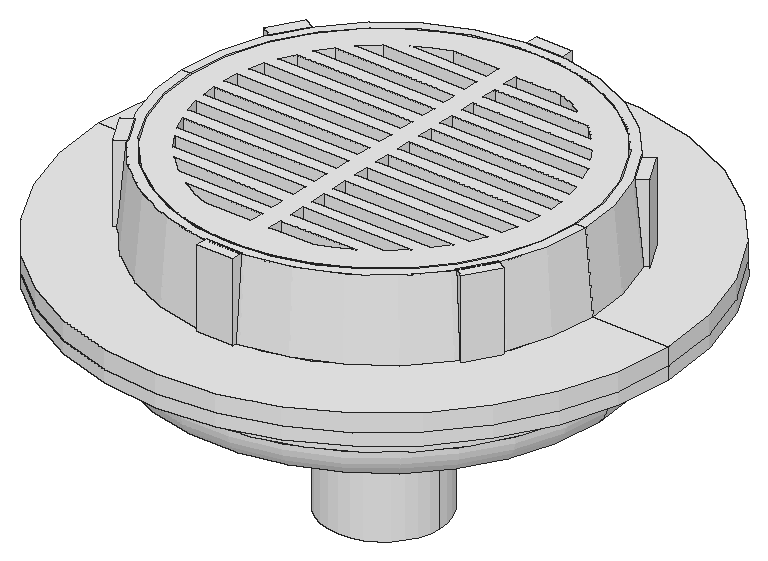
Revit family "Receptor_Sani-Flor_9_Inch_Shallow_Top-Zurn-Z1970", category Plumbing Fixtures, Revit 2022
Family settings
  Round Connector Dimension = Use Radius
  Part Type = Normal
  OmniClass Number = 23.45.55.21
  OmniClass Title = Drains (Wastes)
  Work Plane-Based = No
  Always vertical = Yes
  Cut with Voids When Loaded = No
  Maintain Annotation Orientation = No
  Shared = No
  Room Calculation Point = No
Parameters (values of type "Load Family Type Catalog")
  ZN_Frame Dia = 9.688"
  ZN Frame [instance] = no
  Waste Connection = 1 = 1  # yes
  WFU = 1  # constant formula
  Vent Connection = 1 = 0  # no
  URL = "www.zurn.com"
  Type Comments = "Z1970- 2 Inch No-Hub Outlet"
  Top Plate Radius = Top Dia / 2  # 4.500"
  Top Inside Radius = Top Inside Dia / 2  # 4.250"
  Top Inside Dia = 8.500"
  Top Dia = 9.000"
  Product data url = "https://www.bimobject.com/en-in/zurnindustries/product/zurn-z1970"
  Product Page URL = "https://www.zurn.com/products/drainage-interceptors/floor-sinks/z1970"
  Product Documentation Link = "https://files.zurn.com/spec-sheets/z1970.pdf"
  Pipe Size_A Outer Radius = Pipe Size_A Outer Diameter / 2  # 1.1875"
  Pipe Size_A Outer Diameter = 2.375"
  Pipe Size_A Nominal Diameter = 2.000"
  Pipe Size_A Inside Radius = Pipe Size_A Inside Diameter / 2  # 1.0335"
  Pipe Size_A Inside Diameter = 2.067"
  Modified Date = "03/06/2026"  # constant formula
  Model line Dia = 9.000"
  Model = "Z1970"
  Manufacurer Brand = "Zurn"  # constant formula
  Manufacturer = "Zurn Water, LLC"  # constant formula
  Main Material = Cast Iron- Zurn- White A.R.E Coated- Interior
  Inside Radius = 4.250"
  HWFU = 0  # constant formula
  HW Connection = 1 = 0  # no
  Grate Open Area (Sq. In) = 18.00 in²
  Grate Dia = 8.063"
  Frame Height = 2.000"
  Frame & Grate Material = Cast Iron- Zurn- White A.R.E Coated- Interior
  Description = "9 [229] DIAMETER TOP SHALLOW A.R.C. SANI-FLOR RECEPTOR"  # constant formula
  Default Elevation = 20.000"  # constant formula
  Date Created = "06/28/2018"  # constant formula
  Connector Radius = Pipe Size_A Nominal Diameter / 2  # 1.000"
  CWFU = 0  # constant formula
  CW Connection = 1 = 0  # no
  Bottom Dia = 12.000"
  Body Height_E = 4.750"
  Assembly Code = "D2030300"
  Approx. Weight (Lbs) = 28.00 lbf
Reference planes (in)
  plane 1 "Center (Front/Back)": y = 0
  plane 2: z = 0
  plane 3 "Center (Left/Right)": x = 0
  plane 4: z = -1.91696
  plane 5: x = 4.25
  plane 6: z = -1.625
  plane 7: x = 4.0625
  plane 8: x = 4.79579
  plane 9: x = -6
  plane 10: x = 6
  plane 11: z = -3.75
  plane 12 "Frame plane": z = -2
  plane 13: z = -3.5625
  plane 14: z = -2.25
  plane 15: z = -6.75
  plane 16: x = -1.1875
  plane 17: x = 1.1875
  plane 18: z = -0.625
  plane 19: x = 3.75
  plane 20: z = -0.5625
  plane 21: x = 3.75
  plane 22: x = -4.75
  plane 23: x = 4.75
  plane 24: through (4.76097, -180, -2.56906) normal (-0.4384, 0, 0.8988)
  plane 25: through (4.71052, -180, -2.38505) normal (-0.4384, 0, 0.8988)
  plane 26: z = -3.063
  plane 27: x = 4.0625
  plane 28: z = -2.76993
  plane 29: x = 4.87825
  plane 30: x = 5.13572
  plane 31: z = -2.81599
  plane 32: x = 5.41514
  plane 33: x = 4.562
  plane 34: x = -4.5
  plane 35: x = 4.5
  plane 36: y = 4.5
  plane 37: y = -4.5
  plane 38: z = -0.1875
  plane 39: x = -4.844
  plane 40: x = 4.844
  plane 41: x = -4.25
  plane 42: x = 4.25
  plane 43: x = -0.375
  plane 44: x = 0.375
  plane 45: through (4.19145, 2.85295, 48) normal (0.5, -0.866, 0)
  plane 46: through (4.63808, 2.24478, 48) normal (0.5, -0.866, 0)
  plane 47: through (4.56645, -2.20343, 48) normal (-0.5, -0.866, 0)
  plane 48: through (4.26308, -2.8943, 48) normal (-0.5, -0.866, 0)
  plane 49: x = 0.375
  plane 50: x = -0.375
  plane 51: through (-4.19145, -2.85295, 48) normal (-0.5, 0.866, 0)
  plane 52: through (-4.63808, -2.24478, 48) normal (-0.5, 0.866, 0)
  plane 53: through (-4.56645, 2.20343, 48) normal (0.5, 0.866, 0)
  plane 54: through (-4.26308, 2.8943, 48) normal (0.5, 0.866, 0)
  plane 55: z = -0.188
  plane 56: z = 0
  plane 57: y = 1.1875
  plane 58: y = -1.1875
  plane 59: y = 3.375
  plane 60: y = 2.25
  plane 61: y = 1.125
  plane 62: y = -1.125
  plane 63: y = -2.25
  plane 64: y = -3.375
  plane 65: x = -3.375
  plane 66: x = -2.25
  plane 67: x = -1.125
  plane 68: x = 1.125
  plane 69: x = 2.25
  plane 70: x = 3.375
Forms (in)
  Revolve 1, solid, material "Cast Iron- Zurn- White A.R.E Coated- Interior" <- "Main Material", detail levels fine
    sketch origin (0, 0, 0) x (1, 0, 0) y (0, 0, 1)
      loop
        line (4.25, 0) -> (4.0625, 0) -> (4.0625, -0.5625)
        arc (4.0625, -0.5625) -> (4.04419, -0.60669) -> (4, -0.625) r 0.0625
        line (4, -0.625) -> (3.75, -0.625) -> (3.75, -2) -> (6, -2) -> (6, -1.625) -> (4.39474, -1.625) -> (4.25, 0)
      axis (0, 0) -> (0, -2)
    angle from 0 to 360
  Extrusion 2, solid, material "Cast Iron- Zurn- White A.R.E Coated- Interior" <- "Main Material", detail levels fine
    sketch origin (-27.62229, -180, -6.75) x (-1, 0, 0) y (0, -1, 0)
      loop
        circle (-27.62229, -180) r 1.1875
      loop
        circle (-27.62229, -180) r 1.0335
    from 0 to 3
  Extrusion 3, void, detail levels fine
    sketch origin (-27.62229, -180, -6.75) x (0, -1, 0) y (-1, 0, 0)
      loop
        circle (-180, -27.62229) r 1
    from -3 to 0
  Extrusion 4, solid, material "Cast Iron- Zurn- White A.R.E Coated- Interior" <- "Main Material", detail levels fine
    sketch origin (0, 0, 0) x (1, 0, 0) y (0, 1, 0)
      loop
        line (0.375, 4.23342) -> (0.375, 4.48435)
        arc (0.375, 4.48435) -> (0, 4.5) -> (-0.375, 4.48435) r 4.5
        line (-0.375, 4.48435) -> (-0.375, 4.23342)
        arc (-0.375, 4.23342) -> (0, 4.25) -> (0.375, 4.23342) r 4.25
    from -1.813 to 0
  Revolve 5, solid, material "Cast Iron- Zurn- White A.R.E Coated- Interior" <- "Main Material", detail levels fine
    sketch origin (0, 0, 0) x (1, 0, 0) y (0, 0, 1)
      loop
        line (6, -2) -> (5.5, -2) -> (4.88422, -2.30034)
        arc (4.88422, -2.30034) -> (4.64918, -2.51197) -> (4.562, -2.81599) r 0.57372
        line (4.562, -2.81599) -> (4.562, -3.063)
        arc (4.562, -3.063) -> (4.4157, -3.4162) -> (4.0625, -3.5625) r 0.4995
        line (4.0625, -3.5625) -> (0, -3.5625) -> (0, -3.75) -> (4.03628, -3.75)
        arc (4.03628, -3.75) -> (4.53928, -3.55832) -> (4.75, -3.063) r 0.6875
        line (4.75, -3.063) -> (4.75, -2.76993)
        arc (4.75, -2.76993) -> (4.80746, -2.60827) -> (4.92896, -2.48713) r 0.38846
        line (4.92896, -2.48713) -> (5.41514, -2.25) -> (6, -2.25) -> (6, -2)
      axis (0, -2) -> (0, -3.75)
    angle from 0 to 360
  Extrusion 6, solid, material "Cast Iron- Zurn- White A.R.E Coated- Interior" <- "Main Material", visible <- "ZN Frame", detail levels fine
    sketch origin (0, 0, 0) x (1, 0, 0) y (0, 1, 0)
      loop
        circle (0, 0) r 4.844
    from -0.1875 to 0
  Extrusion 7, void, detail levels fine
    sketch origin (0, 0, 0) x (0, 1, 0) y (1, 0, 0)
      loop
        circle (0, 0) r 4.063
    from -0.20646 to 1.625
  Extrusion 8, solid, material "Cast Iron- Zurn- White A.R.E Coated- Interior" <- "Main Material", detail levels fine
    sketch origin (0, 0, 0) x (0.5, -0.866025, 0) y (0.866025, 0.5, 0)
      loop
        line (0.375, 4.23342) -> (0.375, 4.48435)
        arc (0.375, 4.48435) -> (0, 4.5) -> (-0.375, 4.48435) r 4.5
        line (-0.375, 4.48435) -> (-0.375, 4.23342)
        arc (-0.375, 4.23342) -> (0, 4.25) -> (0.375, 4.23342) r 4.25
    from -1.813 to 0
  Extrusion 9, solid, material "Cast Iron- Zurn- White A.R.E Coated- Interior" <- "Main Material", detail levels fine
    sketch origin (0, 0, 0) x (-0.5, -0.866025, 0) y (0.866025, -0.5, 0)
      loop
        line (0.375, 4.19568) -> (0.375, 4.4466)
        arc (0.375, 4.4466) -> (0, 4.46226) -> (-0.375, 4.4466) r 4.5
        line (-0.375, 4.4466) -> (-0.375, 4.19568)
        arc (-0.375, 4.19568) -> (0, 4.21226) -> (0.375, 4.19568) r 4.25
    from -1.813 to 0
  Extrusion 10, solid, material "Cast Iron- Zurn- White A.R.E Coated- Interior" <- "Main Material", detail levels fine
    sketch origin (0, 0, 0) x (-1, 0, 0) y (0, -1, 0)
      loop
        line (0.375, 4.19568) -> (0.375, 4.4466)
        arc (0.375, 4.4466) -> (0, 4.46226) -> (-0.375, 4.4466) r 4.5
        line (-0.375, 4.4466) -> (-0.375, 4.19568)
        arc (-0.375, 4.19568) -> (0, 4.21226) -> (0.375, 4.19568) r 4.25
    from -1.813 to 0
  Extrusion 11, solid, material "Cast Iron- Zurn- White A.R.E Coated- Interior" <- "Main Material", detail levels fine
    sketch origin (0, 0, 0) x (-0.5, 0.866025, 0) y (-0.866025, -0.5, 0)
      loop
        line (0.375, 4.19568) -> (0.375, 4.4466)
        arc (0.375, 4.4466) -> (0, 4.46226) -> (-0.375, 4.4466) r 4.5
        line (-0.375, 4.4466) -> (-0.375, 4.19568)
        arc (-0.375, 4.19568) -> (0, 4.21226) -> (0.375, 4.19568) r 4.25
    from -1.813 to 0
  Extrusion 12, solid, material "Cast Iron- Zurn- White A.R.E Coated- Interior" <- "Main Material", detail levels fine
    sketch origin (0, 0, 0) x (0.5, 0.866025, 0) y (-0.866025, 0.5, 0)
      loop
        line (0.375, 4.23342) -> (0.375, 4.48435)
        arc (0.375, 4.48435) -> (0, 4.5) -> (-0.375, 4.48435) r 4.5
        line (-0.375, 4.48435) -> (-0.375, 4.23342)
        arc (-0.375, 4.23342) -> (0, 4.25) -> (0.375, 4.23342) r 4.25
    from -1.813 to 0
Cuts and joins
  Extrusion 7 cuts Extrusion 2
  Extrusion 7 cuts Revolve 5
  Extrusion 7 cuts Extrusion 6
Lines and regions (in)
  Masking region 1, detail levels fine
    outline origin (0, 0, 0) x (1, 0, 0) y (0, 1, 0)
      loop
        circle (0, 0) r 6
  model lines, detail levels coarse+medium
    curve 1: line (0, 0, 0) -> (0, 0, -6.75)
    curve 4: circle (0, 0, 0) r 4.5 normal (0, 0, 1)
  model lines
    curve 2: line (-1.1875, 0, -6.75) -> (1.1875, 0, -6.75)
    curve 3: line (0, -1.1875, -6.75) -> (0, 1.1875, -6.75)
Dimensions and locks (in)
  equal spacing: plane 10, plane 3 "Center (Left/Right)", plane 9
  plane 10 to plane 3 "Center (Left/Right)" = 6.000"
  "Frame Height": level to plane 12 "Frame plane"
  plane 12 "Frame plane" to plane 11 = 1.750"
  locked: plane 13 to plane 11 at 0.1875
  equal spacing: plane 17, plane 3 "Center (Left/Right)", plane 16
  "Pipe Size_A Outer Radius": plane 3 "Center (Left/Right)" to plane 16
  "Body Height_E": plane 12 "Frame plane" to plane 15
  equal spacing: plane 23, plane 3 "Center (Left/Right)", plane 22
  locked: plane 23 to plane 22 at 9.5
  plane 7 to plane 3 "Center (Left/Right)" = 4.0625"
  locked: plane 12 "Frame plane" to plane 14 at 0.25
  Revolve 1 to plane 12 "Frame plane" = 0.375"
  "Bottom Dia": plane 10 to plane 9
  plane 14 to plane 11 = 1.500"
  locked: plane 6 to plane 14 at 0.625
  locked: plane 25 to plane 24 at 0.1875
  locked: Revolve 5 sketch curve to Revolve 5 sketch curve at 0.188
  plane 12 "Frame plane" to plane 26 = 1.063"
  locked: plane 12 "Frame plane" to plane 13 at 1.5625
  plane 12 "Frame plane" to plane 14 = 0.250"
  plane 32 to plane 10 = 0.58486"
  equal spacing: plane 35, plane 3 "Center (Left/Right)", plane 34
  locked: plane 3 "Center (Left/Right)" to plane 34 at 4.5
  plane 35 to plane 34 = 9.000"
  plane 34 to plane 35 = 9.000"
  equal spacing: plane 36, plane 1 "Center (Front/Back)", plane 37
  plane 1 "Center (Front/Back)" to plane 37 = 4.500"
  "Top Dia": plane 36 to plane 37
  plane 7 to plane 5 = 0.1875"
  equal spacing: plane 40, plane 3 "Center (Left/Right)", plane 39
  "ZN_Frame Dia": plane 40 to plane 39
  plane 5 to plane 3 "Center (Left/Right)" = 4.250"
  equal spacing: plane 42, plane 3 "Center (Left/Right)", plane 41
  locked: plane 3 "Center (Left/Right)" to plane 41 at 4.25
  plane 42 to plane 41 = 8.500"
  plane 19 to plane 3 "Center (Left/Right)" = 3.750"
  locked: plane 56 to plane 12 "Frame plane" at 2
  locked: level to plane 55 at 0.188
  equal spacing: plane 57, plane 1 "Center (Front/Back)", plane 58
  "Pipe Size_A Outer Radius": plane 57 to plane 1 "Center (Front/Back)"
  plane 36 to plane 59 to plane 60 to plane 61 to plane 1 "Center (Front/Back)" to plane 62 to plane 63 to plane 64 to plane 37 = 1.125", 1.125", 1.125", 1.125", 1.125", 1.125", 1.125", 1.125"
  plane 34 to plane 65 to plane 66 to plane 67 to plane 3 "Center (Left/Right)" to plane 68 to plane 69 to plane 70 to plane 35 = 1.125", 1.125", 1.125", 1.125", 1.125", 1.125", 1.125", 1.125"
  "Pipe Size_A Inside Radius": radius of Extrusion 2 sketch curve
  "Pipe Size_A Outer Radius": radius of Extrusion 2 sketch curve
  "Connector Radius": radius of Extrusion 3 sketch curve
  "Top Inside Radius": radius of Extrusion 4 sketch curve
  "Top Dia": diameter of Extrusion 4 sketch curve
  diameter of Extrusion 6 sketch curve = 9.688"
  radius of Extrusion 7 sketch curve = 4.063"
  "Top Inside Radius": radius of Extrusion 8 sketch curve
  "Top Dia": diameter of Extrusion 8 sketch curve
  "Top Inside Radius": radius of Extrusion 9 sketch curve
  "Top Dia": diameter of Extrusion 9 sketch curve
  "Top Inside Radius": radius of Extrusion 10 sketch curve
  "Top Dia": diameter of Extrusion 10 sketch curve
  "Top Inside Radius": radius of Extrusion 11 sketch curve
  "Top Dia": diameter of Extrusion 11 sketch curve
  "Top Inside Radius": radius of Extrusion 12 sketch curve
  "Top Dia": diameter of Extrusion 12 sketch curve
  "Model line Dia": diameter of curve 4
  "Bottom Dia": diameter of Revolve 1
  angle plane 6 to Revolve 1 sketch curve = 95.09°
  aligned and locked: plane 2 to level
  aligned and locked: Revolve 1 sketch curve to plane 6
  aligned and locked: plane 1 "Center (Front/Back)" to Extrusion 2 sketch curve  (x2)
  aligned and locked: plane 3 "Center (Left/Right)" to Extrusion 2 sketch curve  (x2)
  aligned and locked: Extrusion 2 to plane 15
  aligned and locked: plane 15 to Extrusion 2  (x2)
  aligned and locked: plane 18 to Revolve 1 sketch curve  (x2)
  aligned and locked: Revolve 1 sketch curve to plane 19
  aligned and locked: plane 7 to Revolve 1 sketch curve  (x2)
  aligned and locked: plane 20 to Revolve 1 sketch curve
  aligned and locked: plane 1 "Center (Front/Back)" to Extrusion 3 sketch curve
  aligned and locked: plane 3 "Center (Left/Right)" to Extrusion 3 sketch curve
  aligned and locked: Extrusion 3 to plane 15
  aligned and locked: plane 6 to Revolve 1 sketch curve
  aligned and locked: plane 10 to Revolve 1 sketch curve  (x2)
  aligned and locked: plane 12 "Frame plane" to Revolve 1 sketch curve
  aligned and locked: plane 11 to Extrusion 3
  aligned and locked: plane 26 to Revolve 5 sketch curve  (x2)
  aligned and locked: plane 27 to Revolve 5 sketch curve  (x2)
  aligned and locked: plane 28 to Revolve 5 sketch curve
  aligned and locked: plane 11 to Revolve 5 sketch curve
  aligned and locked: plane 12 "Frame plane" to Revolve 5 sketch curve
  aligned and locked: Revolve 5 sketch curve to plane 12 "Frame plane"
  aligned and locked: plane 25 to Revolve 5 sketch curve
  aligned and locked: Revolve 5 sketch curve to plane 10
  aligned and locked: plane 30 to Revolve 5 sketch curve  (x2)
  aligned and locked: plane 31 to Revolve 5 sketch curve  (x2)
  aligned and locked: Revolve 5 sketch curve to plane 33
  aligned and locked: Revolve 5 sketch curve to plane 24
  aligned and locked: plane 1 "Center (Front/Back)" to Extrusion 6 sketch curve
  aligned and locked: plane 3 "Center (Left/Right)" to Extrusion 6 sketch curve
  aligned and locked: Extrusion 6 to plane 38
  aligned and locked: Extrusion 4 sketch curve to plane 43
  aligned and locked: Extrusion 4 sketch curve to plane 44
  aligned and locked: Extrusion 8 sketch curve to plane 45
  aligned and locked: Extrusion 8 sketch curve to plane 46
  aligned and locked: Extrusion 9 sketch curve to plane 47
  aligned and locked: Extrusion 9 sketch curve to plane 48
  aligned and locked: Extrusion 10 sketch curve to plane 49
  aligned and locked: Extrusion 10 sketch curve to plane 50
  aligned and locked: Extrusion 11 sketch curve to plane 51
  aligned and locked: Extrusion 11 sketch curve to plane 52
  aligned and locked: Extrusion 12 sketch curve to plane 53
  aligned and locked: Extrusion 12 sketch curve to plane 54
  aligned and locked: plane 3 "Center (Left/Right)" to nested 1
  aligned and locked: plane 1 "Center (Front/Back)" to nested 1
  aligned and locked: Revolve 1 sketch curve to plane 56
  aligned and locked: plane 1 "Center (Front/Back)" to Extrusion 4 sketch curve  (x2)
  aligned and locked: plane 3 "Center (Left/Right)" to Extrusion 4 sketch curve  (x2)
  aligned and locked: level to curve 1
  aligned and locked: plane 15 to curve 1
  aligned and locked: plane 1 "Center (Front/Back)" to curve 1
  aligned and locked: plane 16 to curve 2
  aligned and locked: plane 17 to curve 2
  aligned and locked: plane 1 "Center (Front/Back)" to curve 2
  aligned and locked: plane 57 to curve 3
  aligned and locked: plane 58 to curve 3
  aligned and locked: plane 3 "Center (Left/Right)" to curve 3
  aligned and locked: plane 1 "Center (Front/Back)" to curve 4
  aligned and locked: plane 3 "Center (Left/Right)" to curve 4
  aligned and locked: plane 1 "Center (Front/Back)" to Masking region 1 sketch curve
  aligned and locked: plane 3 "Center (Left/Right)" to Masking region 1 sketch curve
  aligned and locked: plane 11 to Extrusion 2
  aligned and locked: level to Extrusion 6
Automatic sketch dimensions
  Revolve 5 sketch curve to plane 3 "Center (Left/Right)" = 0.000"  (x2)
  Revolve 5 sketch curve to plane 14 = 0.000"
  Revolve 5 sketch curve to plane 15 = 1.500"
  level to Revolve 5 sketch curve = 1.000"
  plane 1 "Center (Front/Back)" to Extrusion 7 sketch curve = 0.000"
  Extrusion 7 sketch curve to plane 3 "Center (Left/Right)" = 0.000"
  Revolve 1 sketch curve to plane 3 "Center (Left/Right)" = 0.000"
  plane 5 to Revolve 1 sketch curve = 0.000"
  Revolve 1 sketch curve to plane 15 = 0.87211"
  plane 56 to Revolve 1 sketch curve = 1.61408"
  Extrusion 8 sketch curve to Extrusion 8 sketch curve = 0.000"  (x2)
  plane 1 "Center (Front/Back)" to Extrusion 8 sketch curve = 0.000"
  Extrusion 8 sketch curve to plane 3 "Center (Left/Right)" = 0.000"
  Extrusion 9 sketch curve to Extrusion 9 sketch curve = 0.000"  (x2)
  plane 47 to Extrusion 9 sketch curve = 0.375"
  Extrusion 9 sketch curve to plane 1 "Center (Front/Back)" = 0.01887"
  Extrusion 10 sketch curve to Extrusion 10 sketch curve = 0.000"  (x2)
  Extrusion 10 sketch curve to plane 3 "Center (Left/Right)" = 0.000"
  Extrusion 10 sketch curve to plane 1 "Center (Front/Back)" = 0.03774"
  Extrusion 11 sketch curve to Extrusion 11 sketch curve = 0.000"  (x2)
  plane 51 to Extrusion 11 sketch curve = 0.375"
  Extrusion 11 sketch curve to plane 1 "Center (Front/Back)" = 0.01887"
  Extrusion 12 sketch curve to Extrusion 12 sketch curve = 0.000"  (x2)
  plane 1 "Center (Front/Back)" to Extrusion 12 sketch curve = 0.000"
  Extrusion 12 sketch curve to plane 3 "Center (Left/Right)" = 0.000"
  radius of Masking region 1 sketch curve = 6.000"
Nested families (in)
  nested 1: "Grate" at (0, 0, 0), Main Material <- "Frame & Grate Material", type "Grate"
    with Main Material Cast Iron- Zurn- White A.R.E Coated- Interior, Grate Dia 8.063"
Connectors (in)
  piping at (0, 0, -6.75), diameter 2, driven by "Connector Radius", driven by "Waste Connection"
    settings: on cut or joined group of Extrusion 2, Extrusion 7, index 1, connector inside diameter 24", connector length 0.000", flow factor 0, pipe flow 0 GPM, pressure drop 0.00 psi, fitting loss kfactor 0, connector angle 0.00°, fixture units 0, engagement length 0.000", angle of deflection 0.00°, flow configuration 0, flow direction 2, fitting loss method 0, system type 16, joint type 0, gender type 0, connector reference index -1, connector utility 1, adjustable connector no, is connector primary yes, connector description "Sanitary Outlet"
Definition of nested family "Grate"
  Parameters (values of type "Grate")
    URL = "www.zurn.com"
    Product data url = ""
    Product Page URL = ""
    Product Installation Sheet URL = ""
    Product Documentation Link = ""
    Modified Date = ""
    Manufacurer Brand = "Zurn"  # constant formula
    Manufacturer = "Zurn Water, LLC"  # constant formula
    Main Material [instance] = none
    Grate Dia [instance] = 8.063"
    Default Elevation = 0.000"
    Date Created = ""
  Reference planes (in)
    plane 1 "Center (Front/Back)": y = 0
    plane 2: z = 0
    plane 3 "Center (Left/Right)": x = 0
    plane 4: x = -4.0315
    plane 5: x = 4.0315
    plane 6: y = 4.0315
    plane 7: y = -4.0315
    plane 8: z = -0.625
    plane 9: x = -3.02362
    plane 10: x = -2.01575
    plane 11: x = -1.00787
    plane 12: x = 1.00788
    plane 13: x = 2.01575
    plane 14: x = 3.02363
    plane 15: y = 2.87964
    plane 16: y = 1.72779
    plane 17: y = 0.57593
    plane 18: y = -0.57593
    plane 19: y = -1.72779
    plane 20: y = -2.87964
  Forms (in)
    Extrusion 1, solid, material <- "Main Material", detail levels fine
      sketch origin (0, 0, 0) x (1, 0, 0) y (0, 1, 0)
        loop
          circle (0, 0) r 4.0315
      from -0.625 to 0
    Extrusion 2, void
      sketch origin (0, 0, 0) x (1, 0, 0) y (0, 1, 0)
        loop
          arc (1.78246, 2.93666) -> (1.45805, 3.11076) -> (1.11688, 3.24916) r 3.4375
          line (1.11688, 3.24916) -> (0.1846, 3.24916) -> (0.1846, 2.93666) -> (1.78246, 2.93666)
        loop
          line (0.1846, 0.43666) -> (0.1846, 0.12416) -> (3.43233, 0.12416)
          arc (3.43233, 0.12416) -> (3.42305, 0.2807) -> (3.40665, 0.43666) r 3.4375
          line (3.40665, 0.43666) -> (0.1846, 0.43666)
        loop
          line (0.1846, 0.68666) -> (3.36515, 0.68666)
          arc (3.36515, 0.68666) -> (3.32921, 0.84384) -> (3.28593, 0.99916) r 3.4375
          line (3.28593, 0.99916) -> (0.1846, 0.99916) -> (0.1846, 0.68666)
        loop
          line (0.1846, 1.24916) -> (3.19928, 1.24916)
          arc (3.19928, 1.24916) -> (3.13302, 1.40716) -> (3.05897, 1.56166) r 3.4375
          line (3.05897, 1.56166) -> (0.1846, 1.56166) -> (0.1846, 1.24916)
        loop
          line (0.1846, 1.81166) -> (2.91793, 1.81166)
          arc (2.91793, 1.81166) -> (2.81286, 1.97095) -> (2.6991, 2.12416) r 3.4375
          line (2.6991, 2.12416) -> (0.1846, 2.12416) -> (0.1846, 1.81166)
        loop
          line (0.1846, 2.37416) -> (2.48222, 2.37416)
          arc (2.48222, 2.37416) -> (2.31658, 2.53617) -> (2.14041, 2.68666) r 3.4375
          line (2.14041, 2.68666) -> (0.1846, 2.68666) -> (0.1846, 2.37416)
        loop
          line (1.78246, -2.93834) -> (0.1846, -2.93834) -> (0.1846, -3.25084) -> (1.11688, -3.25084)
          arc (1.11688, -3.25084) -> (1.45805, -3.11244) -> (1.78246, -2.93834) r 3.4375
        loop
          line (0.1846, -0.43834) -> (3.40665, -0.43834)
          arc (3.40665, -0.43834) -> (3.42305, -0.28238) -> (3.43233, -0.12584) r 3.4375
          line (3.43233, -0.12584) -> (0.1846, -0.12584) -> (0.1846, -0.43834)
        loop
          line (0.1846, -0.68834) -> (0.1846, -1.00084) -> (3.28593, -1.00084)
          arc (3.28593, -1.00084) -> (3.32921, -0.84552) -> (3.36515, -0.68834) r 3.4375
          line (3.36515, -0.68834) -> (0.1846, -0.68834)
        loop
          line (0.1846, -1.25084) -> (0.1846, -1.56334) -> (3.05897, -1.56334)
          arc (3.05897, -1.56334) -> (3.13302, -1.40884) -> (3.19928, -1.25084) r 3.4375
          line (3.19928, -1.25084) -> (0.1846, -1.25084)
        loop
          line (0.1846, -1.81334) -> (0.1846, -2.12584) -> (2.6991, -2.12584)
          arc (2.6991, -2.12584) -> (2.81286, -1.97263) -> (2.91793, -1.81334) r 3.4375
          line (2.91793, -1.81334) -> (0.1846, -1.81334)
        loop
          line (0.1846, -2.37584) -> (0.1846, -2.68834) -> (2.14041, -2.68834)
          arc (2.14041, -2.68834) -> (2.31658, -2.53785) -> (2.48222, -2.37584) r 3.4375
          line (2.48222, -2.37584) -> (0.1846, -2.37584)
        loop
          line (-1.81975, 2.94791) -> (-0.1904, 2.94791) -> (-0.1904, 3.26575) -> (-1.15418, 3.26575)
          arc (-1.15418, 3.26575) -> (-1.49545, 3.1246) -> (-1.81975, 2.94791) r 3.46354
        loop
          line (-0.1904, 0.4385) -> (-3.44394, 0.4385)
          arc (-3.44394, 0.4385) -> (-3.46036, 0.28162) -> (-3.46962, 0.12416) r 3.46898
          line (-3.46962, 0.12416) -> (-0.1904, 0.12416) -> (-0.1904, 0.4385)
        loop
          line (-0.1904, 0.6885) -> (-0.1904, 1.00292) -> (-3.32323, 1.00292)
          arc (-3.32323, 1.00292) -> (-3.36651, 0.84664) -> (-3.40244, 0.6885) r 3.46874
          line (-3.40244, 0.6885) -> (-0.1904, 0.6885)
        loop
          line (-0.1904, 1.25292) -> (-0.1904, 1.56749) -> (-3.09626, 1.56749)
          arc (-3.09626, 1.56749) -> (-3.17032, 1.41195) -> (-3.23657, 1.25292) r 3.46822
          line (-3.23657, 1.25292) -> (-0.1904, 1.25292)
        loop
          line (-0.1904, 1.81749) -> (-0.1904, 2.13237) -> (-2.73639, 2.13237)
          arc (-2.73639, 2.13237) -> (-2.85017, 1.97795) -> (-2.95523, 1.81749) r 3.46736
          line (-2.95523, 1.81749) -> (-0.1904, 1.81749)
        loop
          line (-0.1904, 2.38237) -> (-0.1904, 2.69791) -> (-2.1777, 2.69791)
          arc (-2.1777, 2.69791) -> (-2.3539, 2.54588) -> (-2.51951, 2.38237) r 3.46598
          line (-2.51951, 2.38237) -> (-0.1904, 2.38237)
        loop
          arc (-1.81975, -2.94959) -> (-1.49545, -3.12628) -> (-1.15418, -3.26744) r 3.46354
          line (-1.15418, -3.26744) -> (-0.1904, -3.26744) -> (-0.1904, -2.94959) -> (-1.81975, -2.94959)
        loop
          line (-0.1904, -0.44019) -> (-0.1904, -0.12584) -> (-3.46962, -0.12584)
          arc (-3.46962, -0.12584) -> (-3.46036, -0.28331) -> (-3.44394, -0.44019) r 3.46898
          line (-3.44394, -0.44019) -> (-0.1904, -0.44019)
        loop
          line (-0.1904, -0.69019) -> (-3.40244, -0.69019)
          arc (-3.40244, -0.69019) -> (-3.36651, -0.84832) -> (-3.32323, -1.0046) r 3.46874
          line (-3.32323, -1.0046) -> (-0.1904, -1.0046) -> (-0.1904, -0.69019)
        loop
          line (-0.1904, -1.2546) -> (-3.23657, -1.2546)
          arc (-3.23657, -1.2546) -> (-3.17032, -1.41363) -> (-3.09626, -1.56917) r 3.46822
          line (-3.09626, -1.56917) -> (-0.1904, -1.56917) -> (-0.1904, -1.2546)
        loop
          line (-0.1904, -1.81917) -> (-2.95523, -1.81917)
          arc (-2.95523, -1.81917) -> (-2.85017, -1.97964) -> (-2.73639, -2.13405) r 3.46736
          line (-2.73639, -2.13405) -> (-0.1904, -2.13405) -> (-0.1904, -1.81917)
        loop
          line (-0.1904, -2.38405) -> (-2.51951, -2.38405)
          arc (-2.51951, -2.38405) -> (-2.3539, -2.54756) -> (-2.1777, -2.69959) r 3.46598
          line (-2.1777, -2.69959) -> (-0.1904, -2.69959) -> (-0.1904, -2.38405)
      from -0.625 to 0
  Cuts and joins
    Extrusion 2 cuts Extrusion 1
  Lines and regions (in)
    model lines, detail levels coarse+medium
      curve 1: line (-2.82146, 2.87964, 0) -> (2.82146, 2.87964, 0)
      curve 2: line (-3.64249, 1.72779, 0) -> (3.64249, 1.72779, 0)
      curve 3: line (-3.99015, 0.57593, 0) -> (4.0315, 0.57593, 0)
      curve 4: line (3.99015, -0.57593, 0) -> (-3.99015, -0.57593, 0)
      curve 5: line (-3.64249, -1.72779, 0) -> (3.64249, -1.72779, 0)
      curve 6: line (-2.82146, -2.87964, 0) -> (2.82146, -2.87964, 0)
      curve 7: line (-3.02362, -2.66659, 0) -> (-3.02362, 2.66659, 0)
      curve 8: line (-2.01575, 3.49138, 0) -> (-2.01575, -3.49138, 0)
      curve 9: line (-1.00787, 3.90348, 0) -> (-1.00787, -3.90348, 0)
      curve 10: line (0, 4.0315, 0) -> (0, -4.0315, 0)
      curve 11: line (1.00788, 3.90348, 0) -> (1.00788, -3.90348, 0)
      curve 12: line (2.01575, 3.49138, 0) -> (2.01575, -3.49138, 0)
      curve 13: line (3.02363, 2.66659, 0) -> (3.02363, -2.66659, 0)
    model lines
      curve 14: circle (0, 0, 0) r 4.0315 normal (0, 0, 1)
  Dimensions and locks (in)
    equal spacing: plane 4, plane 3 "Center (Left/Right)", plane 5
    equal spacing: plane 6, plane 1 "Center (Front/Back)", plane 7
    level to plane 8 = 0.625"
    plane 5 to plane 4 = 8.063"
    plane 1 "Center (Front/Back)" to plane 7 = 4.0315"
    plane 6 to plane 7 = 8.063"
    plane 4 to plane 5 = 8.063"
    equal spacing: plane 4, plane 9, plane 10, plane 11, plane 3 "Center (Left/Right)", plane 12, plane 13, plane 14, plane 5, locked at 1.00788 each
    plane 6 to plane 15 to plane 16 to plane 17 to plane 18 to plane 19 to plane 20 to plane 7 = 1.15186" locked, 1.15186" locked, 1.15186" locked, 1.15186" locked, 1.15186" locked, 1.15186" locked, 1.15186" locked
    "Grate Dia": diameter of curve 14
    aligned and locked: plane 2 to level
    aligned and locked: plane 3 "Center (Left/Right)" to Extrusion 1 sketch curve
    aligned and locked: plane 1 "Center (Front/Back)" to Extrusion 1 sketch curve
    aligned and locked: Extrusion 1 to plane 8
    aligned and locked: level to Extrusion 1
    aligned and locked: Extrusion 2 to plane 8
    aligned and locked: level to Extrusion 2
    aligned and locked: curve 1 to plane 15
    aligned and locked: plane 10 to curve 8
    aligned and locked: curve 9 to plane 11
    aligned and locked: curve 10 to plane 3 "Center (Left/Right)"
    aligned and locked: curve 11 to plane 12
    aligned and locked: curve 12 to plane 13
    aligned and locked: curve 13 to plane 14
    aligned and locked: plane 1 "Center (Front/Back)" to curve 14
    aligned and locked: plane 3 "Center (Left/Right)" to curve 14
  Automatic sketch dimensions
    Extrusion 2 sketch curve to Extrusion 2 sketch curve = 0.000"  (x554)
    Extrusion 2 sketch curve to plane 1 "Center (Front/Back)" = 0.12416"  (x2)
    plane 4 to Extrusion 2 sketch curve = 0.56188"
    Extrusion 2 sketch curve to Extrusion 2 sketch curve = 0.02568"  (x3)
    Extrusion 2 sketch curve to Extrusion 2 sketch curve = 0.0415"  (x4)
    Extrusion 2 sketch curve to Extrusion 2 sketch curve = 0.07922"  (x4)
    Extrusion 2 sketch curve to Extrusion 2 sketch curve = 0.08666"  (x4)
    Extrusion 2 sketch curve to Extrusion 2 sketch curve = 0.14031"  (x4)
    Extrusion 2 sketch curve to Extrusion 2 sketch curve = 0.14103"  (x4)
    Extrusion 2 sketch curve to Extrusion 2 sketch curve = 0.21883"  (x4)
    Extrusion 2 sketch curve to Extrusion 2 sketch curve = 0.21688"  (x4)
    Extrusion 2 sketch curve to Extrusion 2 sketch curve = 0.34181"  (x4)
    Extrusion 2 sketch curve to Extrusion 2 sketch curve = 0.35795"  (x4)
    Extrusion 2 sketch curve to Extrusion 2 sketch curve = 0.66558"  (x4)
    Extrusion 2 sketch curve to plane 3 "Center (Left/Right)" = 0.1904"  (x12)
    plane 1 "Center (Front/Back)" to Extrusion 2 sketch curve = 0.12584"  (x2)
    plane 1 "Center (Front/Back)" to Extrusion 2 sketch curve = 0.00084"
    Extrusion 2 sketch curve to plane 3 "Center (Left/Right)" = 0.0029"
    plane 3 "Center (Left/Right)" to Extrusion 2 sketch curve = 0.1846"  (x12)
    Extrusion 2 sketch curve to Extrusion 2 sketch curve = 0.93228"  (x2)
    Extrusion 2 sketch curve to Extrusion 2 sketch curve = 0.250"  (x20)
    curve 4 to plane 18 = 0.000"
    curve 3 to plane 17 = 0.000"
    curve 2 to plane 16 = 0.000"
    curve 5 to plane 19 = 0.000"
    curve 7 to plane 9 = 0.000"
    curve 6 to plane 20 = 0.000"
    curve 3 to plane 5 = 0.000"
    radius of Extrusion 1 sketch curve = 4.0315"
Types in the file's own list only (12): name | ZN_Frame Dia | Type Comments | Top Plate Radius | Top Inside Radius | Top Inside Dia | Top Dia | Pipe Size_A Outer Radius | Pipe Size_A Outer Diameter | Pipe Size_A Nominal Diameter | Pipe Size_A Inside Radius | Pipe Size_A Inside Diameter | Model line Dia | Model | Inside Radius | Grate Dia | Frame Height | Frame & Grate Material | Default Elevation | Connector Radius | Bottom Dia | Body Height_E | Approx. Weight (Lbs)
  Z1970-2" NH Outlet | 9.688 " | "Z1970- 2 Inch No-Hub Outlet" | 4.500 " | 4.250 " | 8.500 " | 9.000 " | 1.188 " | 2.375 " | 2.000 " | 1.034 " | 2.067 " | 9.000 " | "Z1970" | 4.250 " | 8.063 " | 2.000 " | Cast Iron- Zurn- White A.R.E Coated- Interior | 20.000 " | 1.000 " | 12.000 " | 4.750 " | 28.00 lb
  Z1970-2" NL Outlet | 9.688 " | "Z1970- 2 Inch Neo-Loc Outlet" | 4.500 " | 4.250 " | 8.500 " | 9.000 " | 1.188 " | 2.375 " | 2.000 " | 1.034 " | 2.067 " | 9.000 " | "Z1970" | 4.250 " | 8.063 " | 2.000 " | Cast Iron- Zurn- White A.R.E Coated- Interior | 20.000 " | 1.000 " | 12.000 " | 3.500 " | 28.00 lb
  Z1970-3" NH Outlet | 9.688 " | "Z1970- 3 Inch No-Hub Outlet" | 4.500 " | 4.250 " | 8.500 " | 9.000 " | 1.750 " | 3.500 " | 3.000 " | 1.534 " | 3.068 " | 9.000 " | "Z1970" | 4.250 " | 8.063 " | 2.000 " | Cast Iron- Zurn- White A.R.E Coated- Interior | 20.000 " | 1.500 " | 12.000 " | 4.750 " | 28.00 lb
  Z1970-3" NL Outlet | 9.688 " | "Z1970- 3 Inch Neo-Loc Outlet" | 4.500 " | 4.250 " | 8.500 " | 9.000 " | 1.750 " | 3.500 " | 3.000 " | 1.534 " | 3.068 " | 9.000 " | "Z1970" | 4.250 " | 8.063 " | 2.000 " | Cast Iron- Zurn- White A.R.E Coated- Interior | 20.000 " | 1.500 " | 12.000 " | 3.500 " | 28.00 lb
  Z1970-4" NH Outlet | 9.688 " | "Z1970- 4 Inch No-Hub Outlet" | 4.500 " | 4.250 " | 8.500 " | 9.000 " | 2.250 " | 4.500 " | 4.000 " | 2.013 " | 4.026 " | 9.000 " | "Z1970" | 4.250 " | 8.063 " | 2.000 " | Cast Iron- Zurn- White A.R.E Coated- Interior | 20.000 " | 2.000 " | 12.000 " | 4.750 " | 28.00 lb
  Z1970-4" NL Outlet | 9.688 " | "Z1970- 4 Inch Neo-Loc Outlet" | 4.500 " | 4.250 " | 8.500 " | 9.000 " | 2.250 " | 4.500 " | 4.000 " | 2.013 " | 4.026 " | 9.000 " | "Z1970" | 4.250 " | 8.063 " | 2.000 " | Cast Iron- Zurn- White A.R.E Coated- Interior | 20.000 " | 2.000 " | 12.000 " | 3.500 " | 28.00 lb
  ZN1970-2" NH Outlet | 9.688 " | "ZN1970- 2 Inch No-Hub Outlet" | 4.500 " | 4.344 " | 8.688 " | 9.000 " | 1.188 " | 2.375 " | 2.000 " | 1.034 " | 2.067 " | 9.688 " | "ZN1970" | 4.250 " | 8.063 " | 2.188 " | Bronze - Zurn - Polished Nickel | 20.000 " | 1.000 " | 12.000 " | 4.750 " | 28.00 lb
  ZN1970-2" NL Outlet | 9.688 " | "ZN1970- 2 Inch Neo-Loc Outlet" | 4.500 " | 4.344 " | 8.688 " | 9.000 " | 1.188 " | 2.375 " | 2.000 " | 1.034 " | 2.067 " | 9.688 " | "ZN1970" | 4.250 " | 8.063 " | 2.188 " | Bronze - Zurn - Polished Nickel | 20.000 " | 1.000 " | 12.000 " | 3.500 " | 28.00 lb
  ZN1970-3" NH Outlet | 9.688 " | "ZN1970- 3 Inch No-Hub Outlet" | 4.500 " | 4.344 " | 8.688 " | 9.000 " | 1.750 " | 3.500 " | 3.000 " | 1.534 " | 3.068 " | 9.688 " | "ZN1970" | 4.250 " | 8.063 " | 2.188 " | Bronze - Zurn - Polished Nickel | 20.000 " | 1.500 " | 12.000 " | 4.750 " | 28.00 lb
  ZN1970-3" NL Outlet | 9.688 " | "ZN1970- 3 Inch Neo-Loc Outlet" | 4.500 " | 4.344 " | 8.688 " | 9.000 " | 1.750 " | 3.500 " | 3.000 " | 1.534 " | 3.068 " | 9.688 " | "ZN1970" | 4.250 " | 8.063 " | 2.188 " | Bronze - Zurn - Polished Nickel | 20.000 " | 1.500 " | 12.000 " | 3.500 " | 28.00 lb
  ZN1970-4" NH Outlet | 9.688 " | "ZN1970- 4 Inch No-Hub Outlet" | 4.500 " | 4.344 " | 8.688 " | 9.000 " | 2.250 " | 4.500 " | 4.000 " | 2.013 " | 4.026 " | 9.688 " | "ZN1970" | 4.250 " | 8.063 " | 2.188 " | Bronze - Zurn - Polished Nickel | 20.000 " | 2.000 " | 12.000 " | 4.750 " | 28.00 lb
  ZN1970-4" NL Outlet | 9.688 " | "ZN1970- 4 Inch Neo-Loc Outlet" | 4.500 " | 4.344 " | 8.688 " | 9.000 " | 2.250 " | 4.500 " | 4.000 " | 2.013 " | 4.026 " | 9.688 " | "ZN1970" | 4.250 " | 8.063 " | 2.188 " | Bronze - Zurn - Polished Nickel | 20.000 " | 2.000 " | 12.000 " | 3.500 " | 28.00 lb
